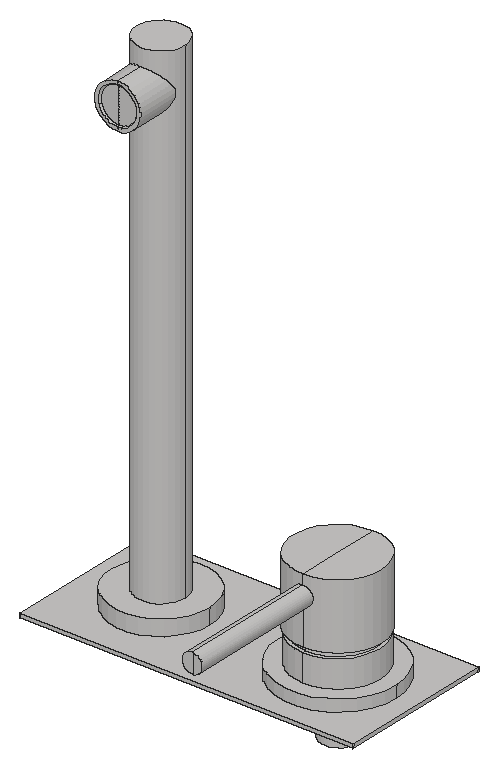
Revit family "Mixer-Bath-Caroma Titan-Wall1", category Plumbing Fixtures, host Face, Revit 2013
Parameters (values of type "Standard")
  Waste Connection = no
  Vent Connection = no
  URL = "http://www.caroma.com.au/"
  Type Comments = "Caroma Titan Wall Bath Mixer"  # constant formula
  Model = "99007SS"  # constant formula
  Material_ANZRS = Metal-Stainless Steel-Polished-Caroma
  Manufacturer = "GWA Bathrooms & Kitchens"  # constant formula
  HWFU = 3  # constant formula
  HW Connection = yes
  Description = ""
  Default Elevation = 500 mm
  CreatedBy_ANZRS = "Design Content"  # constant formula
  CreatedByURL_ANZRS = "www.designcontent.com.au"
  Cost = 0
  Connector Radius = 10 mm
  CWFU = 3  # constant formula
  CW Connection = yes
  Assembly Code = "C1030210"
Reference planes
  plane 1 "Center (Front/Back)": y = 0
  plane 2: z = 0
  plane 3 "Center (Left/Right)": x = 0
  plane 4 "Left": x = -85
  plane 5 "Top": y = 40
  plane 6 "Bottom": y = -40
  plane 7 "Right": x = 85
  plane 8: x = 45
  plane 9: x = -45
Forms (mm)
  Revolve 1, solid, material "Metal-Stainless Steel-Polished-Caroma" <- "Material_ANZRS"
    sketch origin (-45, -188.696, 200.937) x (0, -0.009072, -0.999959) y (0, 0.999959, -0.009072)
      loop
        line (-31.276, 188.42) -> (-42.776, 188.315) -> (-42.533, 161.598) -> (-33.449, 161.68) -> (-32.811, 160.907) -> (-31.027, 160.923) -> (-31.276, 188.42)
      axis (-42.526, 160.819) -> (-42.776, 188.315)
    angle from 0 to 360
  Extrusion 2, solid, material "Metal-Stainless Steel-Polished-Caroma" <- "Material_ANZRS"
    sketch origin (59.2, 0, 0) x (1, 0, 0) y (0, 1, 0)
      loop
        circle (-7.071, -7.071) r 10
    from -20 to 0
  Extrusion 3, solid, material "Metal-Stainless Steel-Polished-Caroma" <- "Material_ANZRS"
    sketch origin (30.8, 0, 0) x (-1, 0, 0) y (0, -1, 0)
      loop
        circle (-7.071, -7.071) r 10
    from -20 to 0
  Extrusion 4, solid, material "Metal-Stainless Steel-Polished-Caroma" <- "Material_ANZRS"
    sketch origin (45, 0, 0) x (1, 0, 0) y (0, 1, 0)
      loop
        circle (0, 0) r 30
    from 2 to 8
  Revolve 5, solid, material "Metal-Stainless Steel-Polished-Caroma" <- "Material_ANZRS"
    sketch origin (45, 0, -233.5) x (0, 1, 0) y (0, 0, 1)
      loop
        line (0, 291.5) -> (0, 241.5) -> (22, 241.5) -> (22, 255.3) -> (19.994, 255.3)
        arc (19.994, 255.3) -> (19.798, 256.658) -> (19.513, 258) r 20.91
        line (19.513, 258) -> (22.501, 258) -> (22.501, 291.5) -> (0, 291.5)
      axis (0, 291.5) -> (0, 241.5)
    angle from 0 to 360
  Extrusion 6, solid, material "Metal-Stainless Steel-Polished-Caroma" <- "Material_ANZRS"
    sketch origin (45, 0, 0) x (1, 0, 0) y (0, 1, 0)
      loop
        circle (-90, 0) r 25
    from 2 to 9.988
  Extrusion 7, solid, material "Metal-Stainless Steel-Polished-Caroma" <- "Material_ANZRS"
    sketch origin (45, 0, 0) x (1, 0, 0) y (0, 1, 0)
      loop
        circle (-90, 0) r 12.5
    from 8 to 262
  Extrusion 8, solid, material "Metal-Stainless Steel-Polished-Caroma" <- "Material_ANZRS"
    sketch origin (45, 0, 0) x (1, 0, 0) y (0, 1, 0)
      loop
        arc (-129.5, 40) -> (-129.854, 39.854) -> (-130, 39.5) r 0.5
        line (-130, 39.5) -> (-130, -39.5)
        arc (-130, -39.5) -> (-129.854, -39.854) -> (-129.5, -40) r 0.5
        line (-129.5, -40) -> (39.5, -40)
        arc (39.5, -40) -> (39.854, -39.854) -> (40, -39.5) r 0.5
        line (40, -39.5) -> (40, 39.5)
        arc (40, 39.5) -> (39.854, 39.854) -> (39.5, 40) r 0.5
        line (39.5, 40) -> (-129.5, 40)
    from 0 to 2
  Revolve 9, solid, material "Metal-Stainless Steel-Polished-Caroma" <- "Material_ANZRS"
    sketch origin (45, 0, -233.5) x (0, 1, 0) y (0, 0, 1)
      loop
        line (-92.5, 276.52) -> (0, 276.52) -> (0, 281.52) -> (-92.5, 281.52) -> (-92.5, 276.52)
      axis (-92.5, 281.52) -> (0, 281.52)
    angle from 0 to 360
Cuts and joins
  joined: Revolve 1, Extrusion 4, Revolve 5, Extrusion 6, Extrusion 7, Extrusion 8, Revolve 9
Lines and regions (mm)
  Masking region 1
    outline origin (0, 0, 0) x (1, 0, 0) y (0, 1, 0)
      loop
        line (-85, 39.5) -> (-85, -39.5)
        arc (-85, -39.5) -> (-84.854, -39.854) -> (-84.5, -40) r 0.5
        line (-84.5, -40) -> (40, -40) -> (40, -92.5) -> (50, -92.5) -> (50, -40) -> (84.5, -40)
        arc (84.5, -40) -> (84.854, -39.854) -> (85, -39.5) r 0.5
        line (85, -39.5) -> (85, 39.5)
        arc (85, 39.5) -> (84.854, 39.854) -> (84.5, 40) r 0.5
        line (84.5, 40) -> (-84.5, 40)
        arc (-84.5, 40) -> (-84.854, 39.854) -> (-85, 39.5) r 0.5
  Masking region 2
    outline origin (0, 0, 0) x (1, 0, 0) y (0, 0, 1)
      loop
        line (85, 0) -> (85, 2) -> (75, 2) -> (75, 8) -> (67, 8) -> (67, 21.8) -> (64.994, 21.8)
        arc (64.994, 21.8) -> (64.804, 23.159) -> (64.513, 24.5) r 18.301
        line (64.513, 24.5) -> (67.501, 24.5) -> (67.501, 58) -> (22.499, 58) -> (22.499, 24.5) -> (25.487, 24.5)
        arc (25.487, 24.5) -> (25.196, 23.159) -> (25.006, 21.8) r 18.301
        line (25.006, 21.8) -> (23, 21.8) -> (23, 8) -> (15, 8) -> (15, 2) -> (-20, 2) -> (-20, 9.988) -> (-32.5, 9.988) -> (-32.5, 262) -> (-57.5, 262) -> (-57.5, 9.988) -> (-70, 9.988) -> (-70, 2) -> (-85, 2) -> (-85, 0) -> (85, 0)
  symbolic lines
    curve 1: line (-56.5, -27.497, 0) -> (-33.5, -27.497, 0)
    curve 2: line (-33.5, -27.497, 0) -> (-33.5, -4.899, 0)
    curve 3: line (-56.5, -27.497, 0) -> (-56.5, -4.899, 0)
    curve 4: circle (-45, 0, 0) r 12.5 normal (0, 0, 1)
    curve 5: arc (-33.5, -22.198, 0) -> (-45, 25, 0) -> (-56.5, -22.198, 0) r 25
    curve 6: line (40, -92.5, 0) -> (40, -21.938, 0)
    curve 7: line (50, -92.5, 0) -> (50, -21.938, 0)
    curve 8: circle (45, 0, 0) r 22.501 normal (0, 0, 1)
    curve 9: arc (50, -29.58, 0) -> (45, 30, 0) -> (40, -29.58, 0) r 30
    curve 10: line (67, 0, 21.8) -> (23, 0, 21.8)
    curve 11: line (67.501, 0, 24.5) -> (22.499, 0, 24.5)
    curve 12: line (75, 0, 8) -> (15, 0, 8)
    curve 13: line (84.5, 0, 2) -> (-84.5, 0, 2)
    curve 14: line (-70, 0, 9.988) -> (-20, 0, 9.988)
Dimensions and locks
  aligned and locked: plane 2 to host face
  aligned and locked: level to host face
Connectors
  piping at (52.129, -7.071, -20), driven by "Connector Radius", driven by "CWFU"
    settings: on Extrusion 2, index 3, connector radius 0.3937", flow factor 0, pipe flow 0 GPM, pressure drop 0.00 psi, fitting loss kfactor 0, connector angle 0.00°, fixture units 3, engagement length 0 mm, flow configuration 3, flow direction 1, fitting loss method 1, system type 20, joint type 0, gender type 0, connector reference index -1, connector utility 0, adjustable connector no, is connector primary yes, fitting loss table "Inward Projecting Pipe", connector description "Cold Inlet"
  piping at (37.871, 7.071, -20), driven by "Connector Radius", driven by "HWFU"
    settings: on Extrusion 3, index 4, connector radius 0.3937", flow factor 0, pipe flow 0 GPM, pressure drop 0.00 psi, fitting loss kfactor 0, connector angle 0.00°, fixture units 3, engagement length 0 mm, flow configuration 3, flow direction 1, fitting loss method 1, system type 19, joint type 0, gender type 0, connector reference index -1, connector utility 0, adjustable connector no, is connector primary no, fitting loss table "Inward Projecting Pipe", connector description "Hot Inlet"
